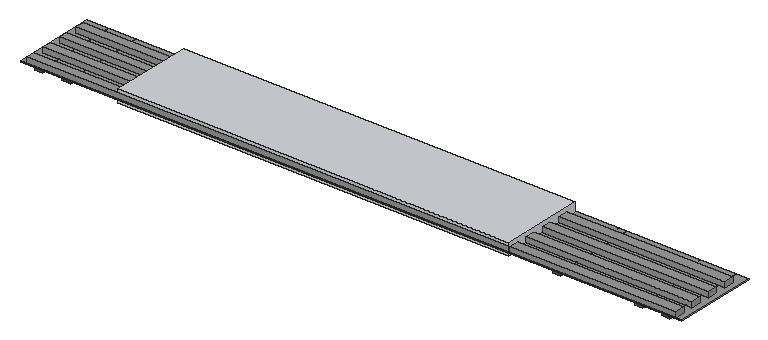
Revit family "2112-4, Solid", category Generic Models, host Face, Revit 2020
Family settings
  Host = Face
  Can host rebar = No
  Round Connector Dimension = Use Diameter
  Part Type = Normal
  Cut with Voids When Loaded = No
  Shared = No
  Room Calculation Point = No
Parameters
  min_value [instance] = 1' - 11 1/4"  # constant formula
  max_value [instance] = 11' - 11 1/4"  # constant formula
  actual_value [instance] = if(NET LENGTH < min_value, min_value, if(NET LENGTH > max_value, max_value, NET LENGTH))  # 7' - 11 1/4"
  SCRIM MATERIAL [instance] = SCRIM
  SCRIM [instance] = yes
  NET LENGTH [instance] = 7' - 11 1/4"
  Default Elevation = 4' - 0"
  BACKER MATERIAL [instance] = BLACK-BACKERS
  .. MEMBER WIDTH [instance] = 0' - 1 3/8"  # constant formula
  .. MEMBER MATERIAL [instance] = Solid Western Hemlock
  .. MEMBER LENGTH [instance] = actual_value  # 7' - 11 1/4"
  .. MEMBER DEPTH [instance] = 0' - 0 3/4"  # constant formula
  .. MEMBER COUNT [instance] = 4  # constant formula
  IMPORTANT NOTE!!!                                                                             *Backer layout is for visualization purposes only, final layout to be determined by 9Wood. [instance] = ""
Reference planes (in)
  plane 1 "Center (Front/Back)": y = 0
  plane 2: z = 1.82209
  plane 3 "Center (Left/Right)": x = 0
Forms (in)
  Extrusion 1, solid
    sketch origin (132, -33.80483, 0) x (1, 0, 0) y (0, 1, 0)
      loop
        line (-118.625, 33.80483) -> (-61.26146, 33.80483) -> (-61.26146, 45.86733) -> (-118.625, 45.86733) -> (-118.625, 33.80483)
    from 1.82209 to 0
Dimensions and locks (in)
  aligned and locked: Extrusion 1 to plane 2
  aligned and locked: plane 3 "Center (Left/Right)" to nested 1
Nested families (in)
  nested 1: "1100 SERIES CONFIG" at (0, 2, 0), .. MEMBER DEPTH <- ".. MEMBER DEPTH", .. MEMBER LENGTH <- ".. MEMBER LENGTH", .. MEMBER WIDTH <- ".. MEMBER WIDTH", .. MEMBER MATERIAL <- ".. MEMBER MATERIAL", BACKING M MATERIAL <- "BACKER MATERIAL", SCRIM  MATERIAL <- "SCRIM MATERIAL", .. MEMBER COUNT <- ".. MEMBER COUNT", SCRIM <- "SCRIM", type "1100 SERIES CONFIG"
    with X 7' - 8", SCRIM OVERHANG 2 0' - 0 3/32", SCRIM OVERHANG 0' - 0 7/8", SCRIM LENGTH 8' - 1", SCRIM  MATERIAL SCRIM, SCRIM yes, NOMINAL LENGTH 7, N 8, Inset 6' - 0 3/8", INSET 0' - 1", INDEX 0' - 5 5/8", HALF MEMBER WIDTH 0' - 0 11/16", HALF LENGTH 3' - 11 5/8", END BACKER yes, BACKING M WIDTH 0' - 1 1/4", BACKING M OC SPACING 1' - 0", BACKING M MATERIAL BLACK-BACKERS, BACKING M LENGTH 0' - 11 7/8", BACKING M DEPTH 0' - 0 1/2", BACKING M COUNT 8, 3/16" INSET 0' - 0 3/16", .. MEMBER WIDTH 0' - 1 3/8", .. MEMBER OC SPACING 0' - 3", .. MEMBER MATERIAL Solid Western Hemlock, .. MEMBER LENGTH 7' - 11 1/4", .. MEMBER DEPTH 0' - 0 3/4", .. MEMBER COUNT 4
Definition of nested family "1100 SERIES CONFIG"
  Parameters (values of type "1100 SERIES CONFIG")
    X [instance] = .. MEMBER LENGTH - 0' 3 1/4"  # 5' - 5"
    SCRIM OVERHANG 2 [instance] = 0' - 0 3/32"  # constant formula
    SCRIM OVERHANG [instance] = 0' - 0 7/8"  # constant formula
    SCRIM LENGTH [instance] = .. MEMBER LENGTH + (SCRIM OVERHANG * 2)  # 5' - 10"
    SCRIM  MATERIAL [instance] = none
    SCRIM [instance] = yes
    NOMINAL LENGTH [instance] = 7
    N [instance] = if((X - (rounddown(X / 1' 0") * 1' 0")) > 1' 0", rounddown(X / 1' 0") + 2, rounddown(X / 1' 0") + 1)  # 6
    Inset [instance] = 6' - 0 3/8"  # constant formula
    INSET [instance] = 0' - 1"  # constant formula
    END BACKER [instance] = INDEX > 0' 3 5/8"  # yes
    INDEX [instance] = (.. MEMBER LENGTH - ((N - 1) * 1' 0")) / 2  # 0' - 4 1/8"
    HALF MEMBER WIDTH [instance] = .. MEMBER WIDTH / 2  # 0' - 0 5/16"
    HALF LENGTH [instance] = .. MEMBER LENGTH / 2  # 2' - 10 1/8"
    Default Elevation = 0' - 0"
    BACKING M WIDTH [instance] = 0' - 1 1/4"
    BACKING M SPACING = 3' - 3"
    BACKING M MATERIAL [instance] = none
    BACKING M LENGTH [instance] = 0' - 11 7/8"
    BACKING M DEPTH [instance] = 0' - 0 1/2"
    BACKING M COUNT [instance] = N  # 6
    BACKING M OC SPACING [instance] = 1' - 0"  # constant formula
    3/16" INSET [instance] = 0' - 0 3/16"  # constant formula
    .. MEMBER WIDTH [instance] = 0' - 0 5/8"
    .. MEMBER OC SPACING [instance] = 1' 0" / .. MEMBER COUNT  # 0' - 4"
    .. MEMBER MATERIAL [instance] = none
    .. MEMBER LENGTH [instance] = 5' - 8 1/4"
    .. MEMBER DEPTH [instance] = 0' - 1 3/8"
    .. MEMBER COUNT [instance] = 3
  Reference planes (in)
    plane 1 "Center (Front/Back)": y = -2
    plane 2: z = 0
    plane 3 "Center (Left/Right)": x = 0
    plane 4: x = 1
    plane 5: x = 4.125
    plane 6: x = 34.125
    plane 7: x = 68.25
    plane 8: x = 67.25
    plane 9: x = 16.125
    plane 10: y = -1.8125
    plane 11: y = -1.6875
    plane 12: y = 2.3125
    plane 13: x = 69.125
    plane 14: x = -0.875
    plane 15: z = 0.5
    plane 16: z = 0.5625
    plane 17: y = 10.0625
    plane 18: y = 10.15625
    plane 19: y = -2.09375
  Dimensions and locks (in)
    "INSET": plane 3 "Center (Left/Right)" to plane 4
    "INDEX": plane 3 "Center (Left/Right)" to plane 5
    "HALF LENGTH": plane 3 "Center (Left/Right)" to plane 6
    ".. MEMBER LENGTH": plane 3 "Center (Left/Right)" to plane 7
    "INSET": plane 8 to plane 7
    equal spacing: group 2, group 3, group 6, group 7, group 8, group 9  (x3)
    "3/16" INSET": plane 1 "Center (Front/Back)" to plane 10
    ".. MEMBER OC SPACING": plane 12 to plane 11
    "SCRIM OVERHANG": plane 14 to plane 3 "Center (Left/Right)"
    "SCRIM OVERHANG": plane 7 to plane 13
    equal spacing: group 1, group 4, group 5  (x2)
    equal spacing: group 5, group 4, group 1
    "HALF MEMBER WIDTH": plane 1 "Center (Front/Back)" to plane 11
    "BACKING M OC SPACING": plane 5 to plane 9
    "SCRIM OVERHANG 2": plane 18 to plane 17
    "SCRIM OVERHANG 2": plane 19 to plane 1 "Center (Front/Back)"
    aligned and locked: level to plane 2
    aligned and locked: plane 6 to nested 1
    aligned and locked: nested 2 to plane 4
    aligned and locked: plane 5 to nested 3
    aligned and locked: plane 1 "Center (Front/Back)" to nested 1
    aligned and locked: nested 2 to plane 10
    aligned and locked: nested 3 to plane 10
    aligned and locked: nested 5 to plane 10
    aligned and locked: nested 4 to plane 10
    aligned and locked: nested 6 to plane 14
    aligned and locked: plane 12 to nested 7
    aligned and locked: nested 7 to plane 3 "Center (Left/Right)"
    aligned and locked: plane 9 to nested 5
    aligned and locked: plane 8 to nested 4
    aligned and locked: plane 15 to nested 2
    aligned and locked: nested 6 to plane 15
    aligned and locked: nested 1 to plane 16
    aligned and locked: nested 7 to plane 16
    aligned and locked: nested 6 to plane 19
  Nested families (in)
    nested 1: "INSTANCE - Parametric Cube" at (34.125, -1.6875, 1.9375), Length <- ".. MEMBER WIDTH", Height <- ".. MEMBER DEPTH", Width <- ".. MEMBER LENGTH", Material <- ".. MEMBER MATERIAL", type "INSTANCE - Parametric Cube"
      with Width 5' - 8 1/4", Material none, Length 0' - 0 5/8", Height 0' - 1 3/8"
    nested 2: "2ND INSTANCE - Parametric Cube" at (1.625, 4.125, 0), Height <- "BACKING M DEPTH", Length <- "BACKING M LENGTH", Width <- "BACKING M WIDTH", Material <- "BACKING M MATERIAL", visible <- "END BACKER", type "2ND INSTANCE - Parametric Cube"
      with Width 0' - 1 1/4", Material none, Length 0' - 11 7/8", Height 0' - 0 1/2"
    nested 3: "2ND INSTANCE - Parametric Cube" at (4.125, 4.125, 0), Length <- "BACKING M LENGTH", Height <- "BACKING M DEPTH", Width <- "BACKING M WIDTH", Material <- "BACKING M MATERIAL", type "2ND INSTANCE - Parametric Cube"
      with Width 0' - 1 1/4", Material none, Length 0' - 11 7/8", Height 0' - 0 1/2"
    nested 4: "2ND INSTANCE - Parametric Cube" at (66.625, 4.125, 0), Width <- "BACKING M WIDTH", Length <- "BACKING M LENGTH", Height <- "BACKING M DEPTH", Material <- "BACKING M MATERIAL", visible <- "END BACKER", type "2ND INSTANCE - Parametric Cube"
      with Width 0' - 1 1/4", Material none, Length 0' - 11 7/8", Height 0' - 0 1/2"
    nested 5: "2ND INSTANCE - Parametric Cube" at (16.125, 4.125, 0), Length <- "BACKING M LENGTH", Height <- "BACKING M DEPTH", Width <- "BACKING M WIDTH", Material <- "BACKING M MATERIAL", type "2ND INSTANCE - Parametric Cube"
      with Width 0' - 1 1/4", Material none, Length 0' - 11 7/8", Height 0' - 0 1/2"
    nested 6: "3RD INSTANCE - Parametric Cube" at (34.125, 4.0445, 0.5), Width <- "SCRIM LENGTH", Material <- "SCRIM  MATERIAL", visible <- "SCRIM", type "3RD INSTANCE - Parametric Cube"
      with Width 5' - 10", Material none, Length 1' - 0.27649", Height 0' - 0 1/16"
    nested 7: "INSTANCE - Parametric Cube" at (34.125, 2.3125, 1.9375), Length <- ".. MEMBER WIDTH", Height <- ".. MEMBER DEPTH", Width <- ".. MEMBER LENGTH", Material <- ".. MEMBER MATERIAL", type "INSTANCE - Parametric Cube"
      with Width 5' - 8 1/4", Material none, Length 0' - 0 5/8", Height 0' - 1 3/8"
    nested 8: "INSTANCE - Parametric Cube" at (34.125, 6.3125, 1.9375), Length <- ".. MEMBER WIDTH", Height <- ".. MEMBER DEPTH", Width <- ".. MEMBER LENGTH", Material <- ".. MEMBER MATERIAL", type "INSTANCE - Parametric Cube"
      with Width 5' - 8 1/4", Material none, Length 0' - 0 5/8", Height 0' - 1 3/8"
    nested 9: "2ND INSTANCE - Parametric Cube" at (28.125, 4.125, 0), Length <- "BACKING M LENGTH", Height <- "BACKING M DEPTH", Width <- "BACKING M WIDTH", Material <- "BACKING M MATERIAL", type "2ND INSTANCE - Parametric Cube"
      with Width 0' - 1 1/4", Material none, Length 0' - 11 7/8", Height 0' - 0 1/2"
    nested 10: "2ND INSTANCE - Parametric Cube" at (40.125, 4.125, 0), Length <- "BACKING M LENGTH", Height <- "BACKING M DEPTH", Width <- "BACKING M WIDTH", Material <- "BACKING M MATERIAL", type "2ND INSTANCE - Parametric Cube"
      with Width 0' - 1 1/4", Material none, Length 0' - 11 7/8", Height 0' - 0 1/2"
    nested 11: "2ND INSTANCE - Parametric Cube" at (52.125, 4.125, 0), Length <- "BACKING M LENGTH", Height <- "BACKING M DEPTH", Width <- "BACKING M WIDTH", Material <- "BACKING M MATERIAL", type "2ND INSTANCE - Parametric Cube"
      with Width 0' - 1 1/4", Material none, Length 0' - 11 7/8", Height 0' - 0 1/2"
    nested 12: "2ND INSTANCE - Parametric Cube" at (64.125, 4.125, 0), Length <- "BACKING M LENGTH", Height <- "BACKING M DEPTH", Width <- "BACKING M WIDTH", Material <- "BACKING M MATERIAL", type "2ND INSTANCE - Parametric Cube"
      with Width 0' - 1 1/4", Material none, Length 0' - 11 7/8", Height 0' - 0 1/2"
  Definition of nested family "INSTANCE - Parametric Cube"
    Parameters (values of type "INSTANCE - Parametric Cube")
      Width [instance] = 0' - 6"
      Material [instance] = none
      Length [instance] = 1' - 0"
      Height [instance] = 1' - 6"
      Default Elevation = 0' - 0"
    Reference planes (in)
      plane 1 "Center (Front/Back)": y = 0
      plane 2: z = 0
      plane 3 "Center (Left/Right)": x = 0
      plane 4: x = -3
      plane 5: x = 3
      plane 6: y = 6
      plane 7: y = -6
      plane 8: z = -18
    Forms (in)
      Extrusion 1, solid, material <- "Material"
        sketch origin (0, 0, 0) x (1, 0, 0) y (0, 1, 0)
          loop
            line (-3, 6) -> (-3, -6) -> (3, -6) -> (3, 6) -> (-3, 6)
        from -18 to 0
    Dimensions and locks (in)
      equal spacing: plane 4, plane 3 "Center (Left/Right)", plane 5
      equal spacing: plane 6, plane 1 "Center (Front/Back)", plane 7
      "Length": plane 6 to plane 7
      "Width": plane 4 to plane 5
      "Height": plane 8 to level
      aligned and locked: plane 2 to level
      aligned and locked: Extrusion 1 sketch curve to plane 6
      aligned and locked: plane 4 to Extrusion 1 sketch curve
      aligned and locked: plane 7 to Extrusion 1 sketch curve
      aligned and locked: Extrusion 1 sketch curve to plane 5
      aligned and locked: Extrusion 1 to plane 8
  Definition of nested family "2ND INSTANCE - Parametric Cube"
    Parameters (values of type "2ND INSTANCE - Parametric Cube")
      Width [instance] = 0' - 6"
      Material [instance] = none
      Length [instance] = 1' - 0"
      Height [instance] = 1' - 6"
      Default Elevation = 0' - 0"
    Reference planes (in)
      plane 1 "Center (Front/Back)": y = 0
      plane 2: z = 0
      plane 3 "Center (Left/Right)": x = 0
      plane 4: x = -3
      plane 5: x = 3
      plane 6: y = 6
      plane 7: y = -6
      plane 8: z = 18
    Forms (in)
      Extrusion 1, solid, material <- "Material"
        sketch origin (0, 0, 0) x (1, 0, 0) y (0, 1, 0)
          loop
            line (-3, 6) -> (-3, -6) -> (3, -6) -> (3, 6) -> (-3, 6)
        from 0 to 18
    Dimensions and locks (in)
      equal spacing: plane 4, plane 3 "Center (Left/Right)", plane 5
      equal spacing: plane 6, plane 1 "Center (Front/Back)", plane 7
      "Length": plane 6 to plane 7
      "Width": plane 4 to plane 5
      "Height": level to plane 8
      aligned and locked: plane 2 to level
      aligned and locked: Extrusion 1 sketch curve to plane 6
      aligned and locked: plane 4 to Extrusion 1 sketch curve
      aligned and locked: plane 7 to Extrusion 1 sketch curve
      aligned and locked: Extrusion 1 sketch curve to plane 5
      aligned and locked: plane 8 to Extrusion 1
      aligned and locked: Extrusion 1 to level
  Definition of nested family "3RD INSTANCE - Parametric Cube"
    Parameters (values of type "3RD INSTANCE - Parametric Cube")
      Width [instance] = 0' - 6"
      Material [instance] = none
      Length [instance] = 1' - 0"
      Height [instance] = 1' - 6"
      Default Elevation = 0' - 0"
    Reference planes (in)
      plane 1 "Center (Front/Back)": y = 0
      plane 2: z = 0
      plane 3 "Center (Left/Right)": x = 0
      plane 4: x = -3
      plane 5: x = 3
      plane 6: y = 6
      plane 7: y = -6
      plane 8: z = 18
    Forms (in)
      Extrusion 1, solid, material <- "Material"
        sketch origin (0, 0, 0) x (1, 0, 0) y (0, 1, 0)
          loop
            line (-3, 6) -> (-3, -6) -> (3, -6) -> (3, 6) -> (-3, 6)
        from 0 to 18
    Dimensions and locks (in)
      equal spacing: plane 4, plane 3 "Center (Left/Right)", plane 5
      equal spacing: plane 6, plane 1 "Center (Front/Back)", plane 7
      "Length": plane 6 to plane 7
      "Width": plane 4 to plane 5
      "Height": level to plane 8
      aligned and locked: plane 2 to level
      aligned and locked: Extrusion 1 sketch curve to plane 6
      aligned and locked: plane 4 to Extrusion 1 sketch curve
      aligned and locked: plane 7 to Extrusion 1 sketch curve
      aligned and locked: Extrusion 1 sketch curve to plane 5
      aligned and locked: plane 8 to Extrusion 1
      aligned and locked: Extrusion 1 to level
